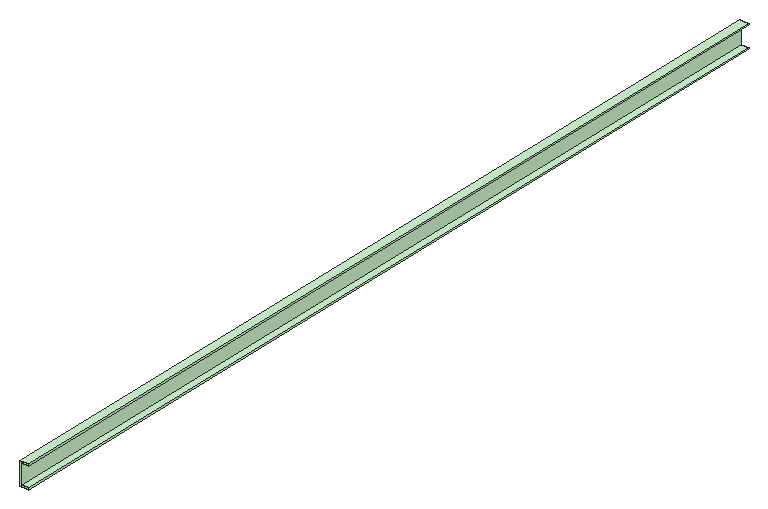
Revit family "WB-25", category 機械設備, Revit 2020
Family settings
  丸型コネクタ寸法 = 直径を使用
  種別 = なし
  パーツ タイプ = 標準
  作業面ベース = いいえ
  常に垂直 = はい
  ロード時にボイドで切り取り = いいえ
  共有 = いいえ
  部屋計算ポイント = いいえ
Parameters
  製造元 = "株式会社桐井製作所"
  既定の高さ = 0 mm
  URL = "https://www.kirii.co.jp/"
  K_長さ(mm) [instance] = 1000 mm
  K_材質 = "SGCCまたはSGHC一般用"
  K_断面積A(mm2) = 48.6
  K_断面係数Zy(mm3) = 334.3
  K_断面係数Zx(mm3) = 60.2
  K_断面2次半径iy(mm) = 9.3
  K_断面2次半径ix(mm) = 3
  K_断面2次モーメントIy(mm4) = 4179
  K_断面2次モーメントIx(mm4) = 434
  K_外形寸法(mm) = "25×10×1.2"
  K_品名 = "WB-25"
  K_名称 = "振れ止め"
  K_単位質量(kg/個) = 0.389
  K_ヤング係数E(N/mm2) = 205000
  K_バージョン情報 = "20210524"
  K_めっき付着量 = "Z12"
  K_JIS規格 = "JIS G 3302"
  K_JIS外 [instance] = not(K_JIS)  # no
  K_JIS [instance] = yes
Reference planes
  plane 1 "中心(正面/背面)": y = 0
  plane 2: z = 0
  plane 3 "中心(左/右)": x = 0
  plane 4: y = 1000
  plane 5: z = 25
Forms (mm)
  Extrusion 1, solid
    sketch origin (12, 0, 0) x (1, 0, 0) y (0, 0, 1)
      loop
        line (-2, 25) -> (-12, 25) -> (-12, 0) -> (-2, 0) -> (-2, 1.2) -> (-10.8, 1.2) -> (-10.8, 23.8) -> (-2, 23.8) -> (-2, 25)
    from 0 to -1000
Dimensions and locks
  "K_長さ(mm)": plane 1 "中心(正面/背面)" to plane 4
  aligned and locked: level to plane 2
  aligned and locked: Extrusion 1 to plane 4
Automatic sketch dimensions
  Extrusion 1 sketch curve to plane 3 "中心(左/右)" = 0 mm
  Extrusion 1 sketch curve to plane 5 = 0 mm
  Extrusion 1 sketch curve to level = 0 mm
  level to Extrusion 1 sketch curve = 1.2 mm
  plane 3 "中心(左/右)" to Extrusion 1 sketch curve = 1.2 mm
  Extrusion 1 sketch curve to Extrusion 1 sketch curve = 1.2 mm
  Extrusion 1 sketch curve to Extrusion 1 sketch curve = 8.8 mm  (x2)
